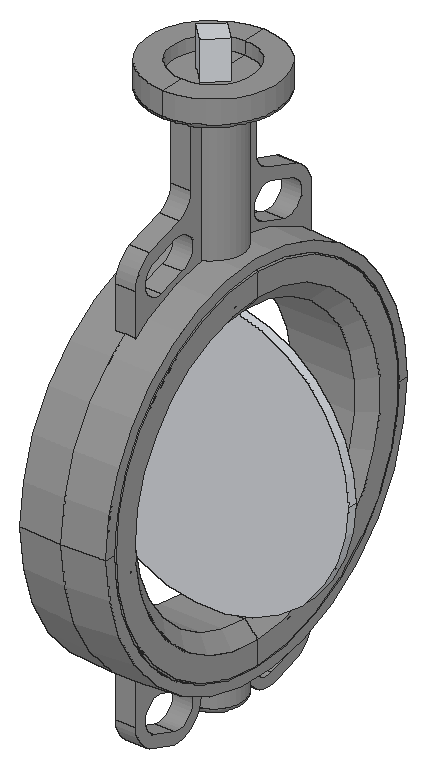
Revit family "Absperr- und Regulierklappe ZF-4219", category Rohrzubehör, Revit 2021
Family settings
  Bemaßung runder Anschluss = Durchmesser verwenden
  Teiletyp = Unterbricht
  Arbeitsebenenbasiert = Nein
  Immer vertikal = Ja
  Beim Laden mit Abzugskörper schneiden = Nein
  Gemeinsam genutzt = Nein
Parameters
  Vorgabe-Ansicht = 0 mm
  URL = "www.herz-armaturen.at"
  Spindel = "Edelstahl ASTM-A276 / Type 316"  # constant formula
  Schrauben PN16 [instance] = if(Nennweite = 50 mm, "4x M16x100", if(Nennweite = 65 mm, "4x M16x100", if(Nennweite = 80 mm, "8x M16x100", if(Nennweite = 100 mm, "8x M16x110", if(Nennweite = 125 mm, "8x M16x120", if(Nennweite = 150 mm, "8x M20x120", if(Nennweite = 200 mm, "12x M20x130", if(Nennweite = 250 mm, "12x M24x140", "12x M24x160"))))))))  # "12x M20x130"
  Schrauben PN 6 [instance] = if(Nennweite = 50 mm, "4x M12x100", if(Nennweite = 65 mm, "4x M12x100", if(Nennweite = 80 mm, "4x M16x100", if(Nennweite = 100 mm, "4x M16x100", if(Nennweite = 125 mm, "8x M16x110", if(Nennweite = 150 mm, "8x M16x110", if(Nennweite = 200 mm, "--", if(Nennweite = 250 mm, "12x M16x130", "12xM16x140"))))))))  # "--"
  Schrauben PN10 [instance] = if(Nennweite = 50 mm, "4x M16x100", if(Nennweite = 65 mm, "4x M16x100", if(Nennweite = 80 mm, "4x M16x100", if(Nennweite = 100 mm, "4x M16x110", if(Nennweite = 125 mm, "8x M16x120", if(Nennweite = 150 mm, "8x M20x120", if(Nennweite = 200 mm, "8x M20x130", if(Nennweite = 250 mm, "12x M20x130", "12x M20x150"))))))))  # "8x M20x130"
  SCTWSEQ = "FW;SBT_TYP_FW=\"101\";2"
  SCTWCODE = "04;07;02"  # constant formula
  SCRNSEQ = "ARM;ARM_TYP=\"ALLF\";2"
  SCRNCODE = "05;13;02"  # constant formula
  R_Dichtung = 1.5 mm  # constant formula
  PN16 [instance] = or(Nennweite = 50 mm, Nennweite = 65 mm, Nennweite = 80 mm, Nennweite = 100 mm, Nennweite = 125 mm, Nennweite = 150 mm, Nennweite = 200 mm, Nennweite = 250 mm, Nennweite = 300 mm)  # yes
  PN10 [instance] = or(Nennweite = 50 mm, Nennweite = 65 mm, Nennweite = 80 mm, Nennweite = 100 mm, Nennweite = 125 mm, Nennweite = 150 mm, Nennweite = 200 mm, Nennweite = 250 mm, Nennweite = 300 mm)  # yes
  PN 6 [instance] = or(Nennweite = 50 mm, Nennweite = 65 mm, Nennweite = 80 mm, Nennweite = 100 mm, Nennweite = 125 mm, Nennweite = 150 mm, Nennweite = 250 mm, Nennweite = 300 mm)  # no
  PN = 16  # constant formula
  O-Ring = "EPDM entsprechend ISO 1691"  # constant formula
  Nennweite [instance] = 200 mm
  Min. Betriebstemperatur = "-20.00 °C bei entsprechender Wasser-Glycolmischung"  # constant formula
  Medium = "Ethylen- und Propyleneglykol kann in einem Mischungsverhältnis zwischen 25 - 50 vol. [%] verwendet werden."
  Max. Betriebstemperatur = 110 °C  # constant formula
  LO1 [instance] = R05 + 10 mm  # 141 mm
  L16 [instance] = L01 - L13  # 236 mm
  L15 [instance] = L01 + L12  # 263 mm
  L14 [instance] = size_lookup("4219_ZF", "L_14", 44.4 mm, Nennweite)  # 61.5 mm
  L13 [instance] = size_lookup("4219_ZF", "L_13", 15 mm, Nennweite)  # 9 mm
  L12 [instance] = size_lookup("4219_ZF", "L_12", 15 mm, Nennweite)  # 18 mm
  L11 [instance] = size_lookup("4219_ZF", "L_11", 15 mm, Nennweite)  # 20 mm
  L10 [instance] = size_lookup("4219_ZF", "L_10", 16 mm, Nennweite)  # 16 mm
  L09 [instance] = size_lookup("4219_ZF", "L9", 29 mm, Nennweite)  # 44 mm
  L08 [instance] = size_lookup("4219_ZF", "L8", 43 mm, Nennweite)  # 60 mm
  L07 [instance] = size_lookup("4219_ZF", "L7", 3.5 mm, Nennweite)  # 4.5 mm
  L06 [instance] = size_lookup("4219_ZF", "L6", 18 mm, Nennweite)  # 32 mm
  L05 [instance] = size_lookup("4219_ZF", "L5", 35 mm, Nennweite)  # 50 mm
  L04 [instance] = size_lookup("4219_ZF", "L4", 35 mm, Nennweite)  # 17.5 mm
  L03 [instance] = size_lookup("4219_ZF", "L3", 35 mm, Nennweite)  # 152.5 mm
  L02 [instance] = size_lookup("4219_ZF", "L2", 35 mm, Nennweite)  # 109 mm
  L01 [instance] = size_lookup("4219_ZF", "L1", 35 mm, Nennweite)  # 245 mm
  Klappenscheibe = "Edelstahl 1.4408"  # constant formula
  Hersteller = "HERZ Armaturen Ges.m.b.H."  # constant formula
  Hebel DN 50-DN150 = "Stahl, ST14.03"  # constant formula
  Hebel DN200-300 = "Stahl, S235 DIN2458/1626"  # constant formula
  H [instance] = size_lookup("4219_ZF", "H1", 9 mm, Nennweite)  # 17 mm
  Gewicht in kg [instance] = size_lookup("4219_ZF", "M", 37.6, Nennweite)  # 16.6
  Gewicht [instance] = 0.00 kg
  Gehäuseauskleidung = "EPDM entsprechend ISO 1691"  # constant formula
  Gehäuse = "GG, GJL-250/JL1040, entsprechend EN1561"  # constant formula
  Einbaudatum [instance] = ""
  Drehmoment in Nm [instance] = size_lookup("4219_ZF", "NM", 350, Nennweite)  # 150
  DN300 [instance] = Nennweite = 300 mm  # no
  DN250 [instance] = Nennweite = 250 mm  # no
  DN200 [instance] = Nennweite = 200 mm  # yes
  DN150 [instance] = Nennweite = 150 mm  # no
  DN125 [instance] = Nennweite = 125 mm  # no
  DN100 [instance] = Nennweite = 100 mm  # no
  DN 80 [instance] = Nennweite = 80 mm  # no
  DN 65 [instance] = Nennweite = 65 mm  # no
  DN 50 [instance] = Nennweite = 50 mm  # no
  Chargennummer [instance] = ""
  BD [instance] = size_lookup("4219_ZF", "DB", 24 mm, Nennweite)  # 193.6 mm
  D09 [instance] = size_lookup("4219_ZF", "D9", 24 mm, Nennweite)  # 96.5 mm
  D08 [instance] = size_lookup("4219_ZF", "D8", 47 mm, Nennweite)  # 14 mm
  D07 [instance] = size_lookup("4219_ZF", "D7", 47 mm, Nennweite)  # 27.5 mm
  D06 [instance] = size_lookup("4219_ZF", "D6", 47 mm, Nennweite)  # 44 mm
  R05 [instance] = size_lookup("4219_ZF", "D5", 47 mm, Nennweite)  # 131 mm
  D05 [instance] = R05 * 2  # 262 mm
  D04 [instance] = size_lookup("4219_ZF", "D4", 41 mm, Nennweite)  # 124 mm
  D03 [instance] = size_lookup("4219_ZF", "D3", 35.5 mm, Nennweite)  # 116.5 mm
  R01 [instance] = size_lookup("4219_ZF", "D1", 28 mm, Nennweite)  # 103.5 mm
  R02 [instance] = size_lookup("4219_ZF", "D2", 30 mm, Nennweite)  # 105.5 mm
  Bestellnummer [instance] = size_lookup("4219_ZF", "Artnr", 1421901, Nennweite)  # 1421927
  Anwendungsgebiet = "Geeignet für Flüssigkeiten in der Haustechnik, Kaltwasser, Heißwasser, etc."
  Anschlussflansch = "entsprechend EN1092-2"  # constant formula
Reference planes
  plane 1 "Mitte (Vorne/hinten)": y = 0
  plane 2: z = 0
  plane 3 "Mitte (Links/rechts)": x = 0
Forms (mm)
  Revolve 1, solid, material "Herz-Metall-blau", detail levels fine
    sketch origin (0, 0, 0) x (1, 0, 0) y (0, 1, 0)
      loop
        line (0, 132.724) -> (-30, 131) -> (-30, 124) -> (-22, 124) -> (-22, 116.5) -> (-23.5, 116.5)
        arc (-23.5, 116.5) -> (-24.561, 116.061) -> (-25, 115) r 1.5
        line (-25, 115) -> (-25, 105.824)
        arc (-25, 105.824) -> (-24.729, 104.964) -> (-24.013, 104.415) r 1.5
        line (-24.013, 104.415) -> (-20.5, 103.5) -> (-16, 103.5) -> (-16, 105.5) -> (16, 105.5) -> (16, 103.5) -> (20.5, 103.5) -> (24.013, 104.415)
        arc (24.013, 104.415) -> (24.729, 104.964) -> (25, 105.824) r 1.5
        line (25, 105.824) -> (25, 115)
        arc (25, 115) -> (24.561, 116.061) -> (23.5, 116.5) r 1.5
        line (23.5, 116.5) -> (22, 116.5) -> (22, 124) -> (30, 124) -> (30, 131) -> (0, 132.724)
      axis (30, 0) -> (-30, 0)
    angle from 0 to 360
  Extrusion 2, solid, material "Herz-Metall-blau", visible <- "DN 50", detail levels fine
    sketch origin (0, 0, 0) x (0, 1, 0) y (0, 0, 1)
      loop
        line (20, 54.051) -> (20.008, 111.113) -> (16.897, 110.952)
        arc (16.897, 110.952) -> (15.55, 110.331) -> (15, 108.954) r 2
        line (15, 108.954) -> (15, 44.542)
        arc (15, 44.542) -> (31.465, 34.913) -> (42.748, 19.534) r 47
        arc (42.748, 19.534) -> (42.633, 20.873) -> (43.392, 21.983) r 2
        line (43.392, 21.983) -> (54.714, 30.209)
        arc (54.714, 30.209) -> (56.569, 56.569) -> (30.209, 54.714) r 17.5
        line (30.209, 54.714) -> (27.87, 51.494)
        arc (27.87, 51.494) -> (23.006, 49.914) -> (20, 54.051) r 4.35
      loop
        arc (32.065, 41.998) -> (33.588, 33.588) -> (41.998, 32.065) r 7.5
        line (41.998, 32.065) -> (48.502, 35.17)
        arc (48.502, 35.17) -> (51.265, 51.265) -> (35.17, 48.502) r 10
        line (35.17, 48.502) -> (32.065, 41.998)
      loop
        arc (-20, 54.051) -> (-23.006, 49.914) -> (-27.87, 51.494) r 4.35
        line (-27.87, 51.494) -> (-30.209, 54.714)
        arc (-30.209, 54.714) -> (-56.569, 56.569) -> (-54.714, 30.209) r 17.5
        line (-54.714, 30.209) -> (-43.392, 21.983)
        arc (-43.392, 21.983) -> (-42.633, 20.873) -> (-42.748, 19.534) r 2
        arc (-42.748, 19.534) -> (-31.465, 34.913) -> (-15, 44.542) r 47
        line (-15, 44.542) -> (-15, 108.954)
        arc (-15, 108.954) -> (-15.55, 110.331) -> (-16.897, 110.952) r 2
        line (-16.897, 110.952) -> (-20.008, 111.113) -> (-20, 54.051)
      loop
        line (-32.065, 41.998) -> (-35.17, 48.502)
        arc (-35.17, 48.502) -> (-51.265, 51.265) -> (-48.502, 35.17) r 10
        line (-48.502, 35.17) -> (-41.998, 32.065)
        arc (-41.998, 32.065) -> (-33.588, 33.588) -> (-32.065, 41.998) r 7.5
      loop
        line (32.065, -41.998) -> (35.17, -48.502)
        arc (35.17, -48.502) -> (51.265, -51.265) -> (48.502, -35.17) r 10
        line (48.502, -35.17) -> (41.998, -32.065)
        arc (41.998, -32.065) -> (33.588, -33.588) -> (32.065, -41.998) r 7.5
      loop
        line (54.714, -30.209) -> (43.392, -21.983)
        arc (43.392, -21.983) -> (42.633, -20.873) -> (42.748, -19.534) r 2
        arc (42.748, -19.534) -> (33.234, -33.234) -> (19.534, -42.748) r 47
        arc (19.534, -42.748) -> (20.873, -42.633) -> (21.983, -43.392) r 2
        line (21.983, -43.392) -> (30.209, -54.714)
        arc (30.209, -54.714) -> (56.569, -56.569) -> (54.714, -30.209) r 17.5
      loop
        arc (-32.065, -41.998) -> (-33.588, -33.588) -> (-41.998, -32.065) r 7.5
        line (-41.998, -32.065) -> (-48.502, -35.17)
        arc (-48.502, -35.17) -> (-51.265, -51.265) -> (-35.17, -48.502) r 10
        line (-35.17, -48.502) -> (-32.065, -41.998)
      loop
        arc (-54.714, -30.209) -> (-56.569, -56.569) -> (-30.209, -54.714) r 17.5
        line (-30.209, -54.714) -> (-21.983, -43.392)
        arc (-21.983, -43.392) -> (-20.873, -42.633) -> (-19.534, -42.748) r 2
        arc (-19.534, -42.748) -> (-33.234, -33.234) -> (-42.748, -19.534) r 47
        arc (-42.748, -19.534) -> (-42.633, -20.873) -> (-43.392, -21.983) r 2
        line (-43.392, -21.983) -> (-54.714, -30.209)
    from -4.5 to 4.5
  Extrusion 3, solid, material "Herz-Metall-blau", visible <- "DN 65", detail levels fine
    sketch origin (0, 0, 0) x (0, 1, 0) y (0, 0, 1)
      loop
        arc (51.659, 21.619) -> (51.541, 22.778) -> (52.089, 23.805) r 2
        line (52.089, 23.805) -> (65.407, 37.123)
        arc (65.407, 37.123) -> (65.407, 65.407) -> (37.123, 65.407) r 20
        line (37.123, 65.407) -> (29.414, 57.699)
        arc (29.414, 57.699) -> (27.235, 57.265) -> (26, 59.113) r 2
        line (26, 59.113) -> (26, 136.154) -> (19.897, 135.838)
        arc (19.897, 135.838) -> (18.55, 135.218) -> (18, 133.841) r 2
        line (18, 133.841) -> (18, 53.028)
        arc (18, 53.028) -> (38.206, 40.942) -> (51.659, 21.619) r 56
      loop
        arc (55.637, 42.831) -> (57.983, 57.983) -> (42.831, 55.637) r 9.5
        line (42.831, 55.637) -> (39.647, 48.983)
        arc (39.647, 48.983) -> (41.012, 41.012) -> (48.983, 39.647) r 7
        line (48.983, 39.647) -> (55.637, 42.831)
      loop
        arc (51.659, -21.619) -> (39.598, -39.598) -> (21.619, -51.659) r 56
        arc (21.619, -51.659) -> (22.778, -51.541) -> (23.805, -52.089) r 2
        line (23.805, -52.089) -> (37.123, -65.407)
        arc (37.123, -65.407) -> (65.407, -65.407) -> (65.407, -37.123) r 20
        line (65.407, -37.123) -> (52.089, -23.805)
        arc (52.089, -23.805) -> (51.541, -22.778) -> (51.659, -21.619) r 2
      loop
        line (55.637, -42.831) -> (48.983, -39.647)
        arc (48.983, -39.647) -> (41.012, -41.012) -> (39.647, -48.983) r 7
        line (39.647, -48.983) -> (42.831, -55.637)
        arc (42.831, -55.637) -> (57.983, -57.983) -> (55.637, -42.831) r 9.5
      loop
        arc (-51.659, -21.619) -> (-51.541, -22.778) -> (-52.089, -23.805) r 2
        line (-52.089, -23.805) -> (-65.407, -37.123)
        arc (-65.407, -37.123) -> (-65.407, -65.407) -> (-37.123, -65.407) r 20
        line (-37.123, -65.407) -> (-23.805, -52.089)
        arc (-23.805, -52.089) -> (-22.778, -51.541) -> (-21.619, -51.659) r 2
        arc (-21.619, -51.659) -> (-39.598, -39.598) -> (-51.659, -21.619) r 56
      loop
        arc (-55.637, -42.831) -> (-57.983, -57.983) -> (-42.831, -55.637) r 9.5
        line (-42.831, -55.637) -> (-39.647, -48.983)
        arc (-39.647, -48.983) -> (-41.012, -41.012) -> (-48.983, -39.647) r 7
        line (-48.983, -39.647) -> (-55.637, -42.831)
      loop
        arc (-51.659, 21.619) -> (-38.206, 40.942) -> (-18, 53.028) r 56
        line (-18, 53.028) -> (-18, 133.838)
        arc (-18, 133.838) -> (-18.55, 135.215) -> (-19.897, 135.835) r 2
        line (-19.897, 135.835) -> (-26, 136.151) -> (-26, 59.113)
        arc (-26, 59.113) -> (-27.235, 57.265) -> (-29.414, 57.699) r 2
        line (-29.414, 57.699) -> (-37.123, 65.407)
        arc (-37.123, 65.407) -> (-65.407, 65.407) -> (-65.407, 37.123) r 20
        line (-65.407, 37.123) -> (-52.089, 23.805)
        arc (-52.089, 23.805) -> (-51.541, 22.778) -> (-51.659, 21.619) r 2
      loop
        line (-55.637, 42.831) -> (-48.983, 39.647)
        arc (-48.983, 39.647) -> (-41.012, 41.012) -> (-39.647, 48.983) r 7
        line (-39.647, 48.983) -> (-42.831, 55.637)
        arc (-42.831, 55.637) -> (-57.983, 57.983) -> (-55.637, 42.831) r 9.5
    from -4.5 to 4.5
  Extrusion 4, solid, material "Herz-Metall-blau", visible <- "DN 80", detail levels fine
    sketch origin (0, 0, 0) x (0, 1, 0) y (0, 0, 1)
      loop
        line (26, 143.161) -> (20.397, 142.871)
        arc (20.397, 142.871) -> (19.05, 142.251) -> (18.5, 140.874) r 2
        line (18.5, 140.874) -> (18.5, 62.833)
        arc (18.5, 62.833) -> (41.296, 50.842) -> (57.706, 30.989) r 65.5
        arc (57.706, 30.989) -> (57.482, 32.176) -> (57.983, 33.275) r 2
        line (57.983, 33.275) -> (67.23, 43.52)
        arc (67.23, 43.52) -> (70.328, 54.798) -> (65.407, 65.407) r 17
        line (65.407, 65.407) -> (42.005, 86.53)
        arc (42.005, 86.53) -> (37.832, 89.302) -> (33.031, 90.738) r 17
        arc (33.031, 90.738) -> (27.974, 93.895) -> (26, 99.52) r 9
        line (26, 99.52) -> (26, 143.161)
      loop
        circle (30.615, 73.91) r 9.5
      loop
        circle (53.387, 53.387) r 9.5
      loop
        arc (57.706, -30.989) -> (41.296, -50.842) -> (18.5, -62.833) r 65.5
        line (18.5, -62.833) -> (18.5, -85.837)
        arc (18.5, -85.837) -> (30.113, -90.903) -> (42.005, -86.53) r 17
        line (42.005, -86.53) -> (65.407, -65.407)
        arc (65.407, -65.407) -> (70.328, -54.798) -> (67.23, -43.52) r 17
        line (67.23, -43.52) -> (57.983, -33.275)
        arc (57.983, -33.275) -> (57.482, -32.176) -> (57.706, -30.989) r 2
      loop
        circle (30.615, -73.91) r 9.5
      loop
        circle (53.387, -53.387) r 9.5
      loop
        arc (-57.706, -30.989) -> (-57.482, -32.176) -> (-57.983, -33.275) r 2
        line (-57.983, -33.275) -> (-67.23, -43.52)
        arc (-67.23, -43.52) -> (-70.328, -54.798) -> (-65.407, -65.407) r 17
        line (-65.407, -65.407) -> (-42.005, -86.53)
        arc (-42.005, -86.53) -> (-30.113, -90.903) -> (-18.5, -85.837) r 17
        line (-18.5, -85.837) -> (-18.5, -62.833)
        arc (-18.5, -62.833) -> (-41.296, -50.842) -> (-57.706, -30.989) r 65.5
      loop
        circle (-30.615, -73.91) r 9.5
      loop
        circle (-53.387, -53.387) r 9.5
      loop
        line (-26, 143.179) -> (-26, 99.52)
        arc (-26, 99.52) -> (-27.974, 93.895) -> (-33.031, 90.738) r 9
        arc (-33.031, 90.738) -> (-37.832, 89.302) -> (-42.005, 86.53) r 17
        line (-42.005, 86.53) -> (-65.407, 65.407)
        arc (-65.407, 65.407) -> (-70.328, 54.798) -> (-67.23, 43.52) r 17
        line (-67.23, 43.52) -> (-57.983, 33.275)
        arc (-57.983, 33.275) -> (-57.482, 32.176) -> (-57.706, 30.989) r 2
        arc (-57.706, 30.989) -> (-41.296, 50.842) -> (-18.5, 62.833) r 65.5
        line (-18.5, 62.833) -> (-18.5, 140.891)
        arc (-18.5, 140.891) -> (-19.05, 142.268) -> (-20.397, 142.888) r 2
        line (-20.397, 142.888) -> (-26, 143.179)
      loop
        circle (-30.615, 73.91) r 9.5
      loop
        circle (-53.387, 53.387) r 9.5
    from -4.5 to 4.5
  Extrusion 5, solid, material "Herz-Metall-blau", visible <- "DN100", detail levels fine
    sketch origin (0, 0, 0) x (0, 1, 0) y (0, 0, 1)
      loop
        line (64.131, 38.887) -> (73.681, 49.873)
        arc (73.681, 49.873) -> (77.063, 61.29) -> (72.125, 72.125) r 17
        line (72.125, 72.125) -> (45.809, 95.79)
        arc (45.809, 95.79) -> (41.366, 98.675) -> (36.25, 100.053) r 17
        arc (36.25, 100.053) -> (28.882, 104.596) -> (26, 112.759) r 13
        line (26, 112.759) -> (26, 166.173) -> (20.397, 165.883)
        arc (20.397, 165.883) -> (19.05, 165.263) -> (18.5, 163.886) r 2
        line (18.5, 163.886) -> (18.5, 72.683)
        arc (18.5, 72.683) -> (44.637, 60.27) -> (64.131, 38.887) r 75
      loop
        circle (60.104, 60.104) r 9.5
      loop
        circle (34.442, 83.149) r 9.5
      loop
        arc (64.131, -38.887) -> (44.637, -60.27) -> (18.5, -72.683) r 75
        line (18.5, -72.683) -> (18.5, -95.329)
        arc (18.5, -95.329) -> (21.473, -95.603) -> (24.233, -96.743) r 10
        arc (24.233, -96.743) -> (35.191, -100.133) -> (45.809, -95.79) r 17
        line (45.809, -95.79) -> (72.125, -72.125)
        arc (72.125, -72.125) -> (77.063, -61.29) -> (73.681, -49.873) r 17
        line (73.681, -49.873) -> (64.131, -38.887)
      loop
        circle (60.104, -60.104) r 9.5
      loop
        circle (34.442, -83.149) r 9.5
      loop
        line (-64.131, -38.887) -> (-73.681, -49.873)
        arc (-73.681, -49.873) -> (-77.063, -61.29) -> (-72.125, -72.125) r 17
        line (-72.125, -72.125) -> (-45.809, -95.79)
        arc (-45.809, -95.79) -> (-35.191, -100.133) -> (-24.233, -96.743) r 17
        arc (-24.233, -96.743) -> (-21.473, -95.603) -> (-18.5, -95.329) r 10
        line (-18.5, -95.329) -> (-18.5, -72.683)
        arc (-18.5, -72.683) -> (-44.637, -60.27) -> (-64.131, -38.887) r 75
      loop
        circle (-60.104, -60.104) r 9.5
      loop
        circle (-34.442, -83.149) r 9.5
      loop
        arc (-64.131, 38.887) -> (-44.637, 60.27) -> (-18.5, 72.683) r 75
        line (-18.5, 72.683) -> (-18.5, 163.876)
        arc (-18.5, 163.876) -> (-19.05, 165.253) -> (-20.397, 165.873) r 2
        line (-20.397, 165.873) -> (-26, 166.164) -> (-26, 112.759)
        arc (-26, 112.759) -> (-28.882, 104.596) -> (-36.25, 100.053) r 13
        arc (-36.25, 100.053) -> (-41.366, 98.675) -> (-45.809, 95.79) r 17
        line (-45.809, 95.79) -> (-72.125, 72.125)
        arc (-72.125, 72.125) -> (-77.063, 61.29) -> (-73.681, 49.873) r 17
        line (-73.681, 49.873) -> (-64.131, 38.887)
      loop
        circle (-60.104, 60.104) r 9.5
      loop
        circle (-34.442, 83.149) r 9.5
    from -4.5 to 4.5
  Extrusion 6, solid, material "Herz-Metall-blau", visible <- "DN125", detail levels fine
    sketch origin (0, 0, 0) x (0, 1, 0) y (0, 0, 1)
      loop
        arc (75.229, 48.945) -> (74.917, 50.244) -> (75.492, 51.45) r 2
        line (75.492, 51.45) -> (82.731, 58.69)
        arc (82.731, 58.69) -> (87.711, 70.711) -> (82.731, 82.731) r 17
        line (82.731, 82.731) -> (51.291, 109.875)
        arc (51.291, 109.875) -> (46.108, 112.941) -> (40.182, 114.007) r 17
        line (40.182, 114.007) -> (38, 114.007)
        arc (38, 114.007) -> (29.515, 117.522) -> (26, 126.007) r 12
        line (26, 126.007) -> (26, 185.157) -> (20.397, 184.867)
        arc (20.397, 184.867) -> (19.05, 184.246) -> (18.5, 182.869) r 2
        line (18.5, 182.869) -> (18.5, 87.823)
        arc (18.5, 87.823) -> (50.736, 74.033) -> (75.229, 48.945) r 89.75
      loop
        circle (40.182, 97.007) r 9.5
      loop
        circle (70.711, 70.711) r 9.5
      loop
        arc (75.229, -48.945) -> (50.736, -74.033) -> (18.5, -87.823) r 89.75
        line (18.5, -87.823) -> (18.5, -108.431)
        arc (18.5, -108.431) -> (24.248, -107.655) -> (29.46, -110.2) r 10
        arc (29.46, -110.2) -> (40.434, -114.005) -> (51.291, -109.875) r 17
        line (51.291, -109.875) -> (82.731, -82.731)
        arc (82.731, -82.731) -> (87.711, -70.711) -> (82.731, -58.69) r 17
        line (82.731, -58.69) -> (75.492, -51.45)
        arc (75.492, -51.45) -> (74.917, -50.244) -> (75.229, -48.945) r 2
      loop
        circle (40.182, -97.007) r 9.5
      loop
        circle (70.711, -70.711) r 9.5
      loop
        arc (-75.229, -48.945) -> (-74.917, -50.244) -> (-75.492, -51.45) r 2
        line (-75.492, -51.45) -> (-82.731, -58.69)
        arc (-82.731, -58.69) -> (-87.711, -70.711) -> (-82.731, -82.731) r 17
        line (-82.731, -82.731) -> (-51.291, -109.875)
        arc (-51.291, -109.875) -> (-40.434, -114.005) -> (-29.46, -110.2) r 17
        arc (-29.46, -110.2) -> (-24.248, -107.655) -> (-18.5, -108.431) r 10
        line (-18.5, -108.431) -> (-18.5, -87.823)
        arc (-18.5, -87.823) -> (-50.736, -74.033) -> (-75.229, -48.945) r 89.75
      loop
        circle (-40.182, -97.007) r 9.5
      loop
        circle (-70.711, -70.711) r 9.5
      loop
        arc (-75.229, 48.945) -> (-50.736, 74.033) -> (-18.5, 87.823) r 89.75
        line (-18.5, 87.823) -> (-18.5, 182.852)
        arc (-18.5, 182.852) -> (-19.05, 184.23) -> (-20.397, 184.85) r 2
        line (-20.397, 184.85) -> (-26, 185.14) -> (-26, 126.007)
        arc (-26, 126.007) -> (-29.515, 117.522) -> (-38, 114.007) r 12
        line (-38, 114.007) -> (-40.182, 114.007)
        arc (-40.182, 114.007) -> (-46.108, 112.941) -> (-51.291, 109.875) r 17
        line (-51.291, 109.875) -> (-82.731, 82.731)
        arc (-82.731, 82.731) -> (-87.711, 70.711) -> (-82.731, 58.69) r 17
        line (-82.731, 58.69) -> (-75.492, 51.45)
        arc (-75.492, 51.45) -> (-74.917, 50.244) -> (-75.229, 48.945) r 2
      loop
        circle (-40.182, 97.007) r 9.5
      loop
        circle (-70.711, 70.711) r 9.5
    from -6 to 6
  Extrusion 7, solid, material "Herz-Metall-blau", visible <- "DN150", detail levels fine
    sketch origin (0, 0, 0) x (0, 1, 0) y (0, 0, 1)
      loop
        line (83.495, 59.454) -> (91.57, 67.529)
        arc (91.57, 67.529) -> (96.55, 79.55) -> (91.57, 91.57) r 17
        line (91.57, 91.57) -> (57.511, 123.304)
        arc (57.511, 123.304) -> (45.758, 127.865) -> (34.095, 123.077) r 17
        arc (34.095, 123.077) -> (28.976, 122.416) -> (26, 126.633) r 5
        line (26, 126.633) -> (26, 198.177) -> (20.397, 197.887)
        arc (20.397, 197.887) -> (19.05, 197.267) -> (18.5, 195.889) r 2
        line (18.5, 195.889) -> (18.5, 100.817)
        arc (18.5, 100.817) -> (55.032, 86.474) -> (83.495, 59.454) r 102.5
      loop
        circle (45.922, 110.866) r 11.5
      loop
        circle (79.55, 79.55) r 9.5
      loop
        circle (45.922, -110.866) r 11.5
      loop
        circle (79.55, -79.55) r 9.5
      loop
        line (91.57, -67.529) -> (83.495, -59.454)
        arc (83.495, -59.454) -> (55.032, -86.474) -> (18.5, -100.817) r 102.5
        line (18.5, -100.817) -> (18.5, -123.208)
        arc (18.5, -123.208) -> (19.363, -121.755) -> (21.03, -121.482) r 2
        line (21.03, -121.482) -> (42.642, -127.546)
        arc (42.642, -127.546) -> (50.587, -127.213) -> (57.511, -123.304) r 17
        line (57.511, -123.304) -> (91.57, -91.57)
        arc (91.57, -91.57) -> (96.55, -79.55) -> (91.57, -67.529) r 17
      loop
        arc (-83.495, 59.454) -> (-55.032, 86.474) -> (-18.5, 100.817) r 102.5
        line (-18.5, 100.817) -> (-18.5, 195.875)
        arc (-18.5, 195.875) -> (-19.05, 197.252) -> (-20.397, 197.872) r 2
        line (-20.397, 197.872) -> (-26, 198.163) -> (-26, 126.633)
        arc (-26, 126.633) -> (-28.976, 122.416) -> (-34.095, 123.077) r 5
        arc (-34.095, 123.077) -> (-45.758, 127.865) -> (-57.511, 123.304) r 17
        line (-57.511, 123.304) -> (-91.57, 91.57)
        arc (-91.57, 91.57) -> (-96.55, 79.55) -> (-91.57, 67.529) r 17
        line (-91.57, 67.529) -> (-83.495, 59.454)
      loop
        circle (-45.922, 110.866) r 11.5
      loop
        circle (-79.55, 79.55) r 9.5
      loop
        circle (-45.922, -110.866) r 11.5
      loop
        circle (-79.55, -79.55) r 9.5
      loop
        arc (-91.57, -67.529) -> (-96.55, -79.55) -> (-91.57, -91.57) r 17
        line (-91.57, -91.57) -> (-57.511, -123.304)
        arc (-57.511, -123.304) -> (-50.587, -127.213) -> (-42.642, -127.546) r 17
        line (-42.642, -127.546) -> (-21.03, -121.482)
        arc (-21.03, -121.482) -> (-19.363, -121.755) -> (-18.5, -123.208) r 2
        line (-18.5, -123.208) -> (-18.5, -100.817)
        arc (-18.5, -100.817) -> (-55.032, -86.474) -> (-83.495, -59.454) r 102.5
        line (-83.495, -59.454) -> (-91.57, -67.529)
    from -7 to 7
  Extrusion 8, solid, material "Herz-Metall-blau", visible <- "DN200", detail levels fine
    sketch origin (0, 0, 0) x (0, 1, 0) y (0, 0, 1)
      loop
        arc (42.048, 153.832) -> (26.654, 145.827) -> (35.349, 130.812) r 12
        line (35.349, 130.812) -> (53.31, 124.689)
        arc (53.31, 124.689) -> (67.804, 132.4) -> (61.038, 147.359) r 12
        line (61.038, 147.359) -> (42.048, 153.832)
      loop
        line (28, 226.273) -> (22.065, 226.047)
        arc (22.065, 226.047) -> (20.655, 225.469) -> (20, 224.092) r 2.114
        line (20, 224.092) -> (20, 129.471)
        arc (20, 129.471) -> (49.604, 121.273) -> (76.485, 106.406) r 130.989
        line (76.485, 106.406) -> (76.485, 136.265)
        arc (76.485, 136.265) -> (73.108, 147.391) -> (64.117, 154.764) r 20.019
        line (64.117, 154.764) -> (38.16, 163.592)
        arc (38.16, 163.592) -> (30.802, 169.06) -> (28, 177.79) r 15
        line (28, 177.79) -> (28, 226.273)
      loop
        line (42.048, -153.832) -> (61.038, -147.359)
        arc (61.038, -147.359) -> (67.804, -132.4) -> (53.31, -124.689) r 12
        line (53.31, -124.689) -> (35.349, -130.812)
        arc (35.349, -130.812) -> (26.654, -145.827) -> (42.048, -153.832) r 12
      loop
        arc (76.446, -106.382) -> (49.585, -121.253) -> (20, -129.464) r 131
        line (20, -129.464) -> (20, -141.835)
        arc (20, -141.835) -> (28.361, -158.099) -> (46.453, -160.765) r 20
        line (46.453, -160.765) -> (64.099, -154.75)
        arc (64.099, -154.75) -> (73.075, -147.384) -> (76.446, -136.272) r 20
        line (76.446, -136.272) -> (76.446, -106.382)
      loop
        arc (-42.048, -153.832) -> (-26.654, -145.827) -> (-35.349, -130.812) r 12
        line (-35.349, -130.812) -> (-53.31, -124.689)
        arc (-53.31, -124.689) -> (-67.804, -132.4) -> (-61.038, -147.359) r 12
        line (-61.038, -147.359) -> (-42.048, -153.832)
      loop
        line (-76.446, -106.382) -> (-76.446, -136.272)
        arc (-76.446, -136.272) -> (-73.075, -147.384) -> (-64.099, -154.75) r 20
        line (-64.099, -154.75) -> (-46.453, -160.765)
        arc (-46.453, -160.765) -> (-28.361, -158.099) -> (-20, -141.835) r 20
        line (-20, -141.835) -> (-20, -129.464)
        arc (-20, -129.464) -> (-49.585, -121.253) -> (-76.446, -106.382) r 131
      loop
        line (-42.048, 153.832) -> (-61.038, 147.359)
        arc (-61.038, 147.359) -> (-67.804, 132.4) -> (-53.31, 124.689) r 12
        line (-53.31, 124.689) -> (-35.349, 130.812)
        arc (-35.349, 130.812) -> (-26.654, 145.827) -> (-42.048, 153.832) r 12
      loop
        line (-28, 226.278) -> (-28, 177.79)
        arc (-28, 177.79) -> (-30.802, 169.06) -> (-38.16, 163.592) r 15
        line (-38.16, 163.592) -> (-64.117, 154.764)
        arc (-64.117, 154.764) -> (-73.108, 147.391) -> (-76.485, 136.265) r 20.019
        line (-76.485, 136.265) -> (-76.485, 106.406)
        arc (-76.485, 106.406) -> (-49.604, 121.273) -> (-20, 129.471) r 130.989
        line (-20, 129.471) -> (-20, 224.098)
        arc (-20, 224.098) -> (-20.655, 225.475) -> (-22.065, 226.053) r 2.114
        line (-22.065, 226.053) -> (-28, 226.278)
    from -7 to 7
  Extrusion 9, solid, material "Herz-Metall-blau", visible <- "DN250", detail levels fine
    sketch origin (0, 0, 0) x (0, 1, 0) y (0, 0, 1)
      loop
        arc (-95.9, 125.382) -> (-61.406, 145.382) -> (-23, 156.095) r 157.75
        line (-23, 156.095) -> (-23, 258.814)
        arc (-23, 258.814) -> (-23.588, 260.113) -> (-24.893, 260.69) r 2
        line (-24.893, 260.69) -> (-32, 261.058) -> (-32, 187.712)
        arc (-32, 187.712) -> (-33.507, 185.205) -> (-36.428, 185.359) r 2.84
        arc (-36.428, 185.359) -> (-43.951, 188.152) -> (-51.918, 187.184) r 17
        line (-51.918, 187.184) -> (-97.072, 155.872)
        arc (-97.072, 155.872) -> (-100.207, 149.167) -> (-100.195, 141.765) r 17
        line (-100.195, 141.765) -> (-95.9, 125.382)
      loop
        circle (-83.608, 145.492) r 9.5
      loop
        circle (-45.549, 171.269) r 14
      loop
        arc (96.192, -125.349) -> (61.575, -145.51) -> (23, -156.317) r 157.999
        line (23, -156.317) -> (23, -181.388) -> (27.217, -181.388)
        arc (27.217, -181.388) -> (30.142, -181.826) -> (32.812, -183.1) r 10
        line (32.812, -183.1) -> (36.428, -185.542)
        arc (36.428, -185.542) -> (44.468, -188.388) -> (52.878, -186.972) r 17
        line (52.878, -186.972) -> (97.463, -155.872)
        arc (97.463, -155.872) -> (100.598, -149.167) -> (100.586, -141.765) r 17
        line (100.586, -141.765) -> (96.192, -125.349)
      loop
        circle (84, -145.492) r 9.5
      loop
        circle (45.94, -171.452) r 14
      loop
        line (-96.192, -125.349) -> (-100.586, -141.765)
        arc (-100.586, -141.765) -> (-100.598, -149.167) -> (-97.463, -155.872) r 17
        line (-97.463, -155.872) -> (-52.878, -186.972)
        arc (-52.878, -186.972) -> (-44.468, -188.388) -> (-36.428, -185.542) r 17
        line (-36.428, -185.542) -> (-32.812, -183.1)
        arc (-32.812, -183.1) -> (-30.142, -181.826) -> (-27.217, -181.388) r 10
        line (-27.217, -181.388) -> (-23, -181.388) -> (-23, -156.317)
        arc (-23, -156.317) -> (-61.575, -145.51) -> (-96.192, -125.349) r 157.999
      loop
        circle (-84, -145.492) r 9.5
      loop
        circle (-45.94, -171.452) r 14
      loop
        line (95.9, 125.2) -> (100.195, 141.582)
        arc (100.195, 141.582) -> (100.207, 148.984) -> (97.072, 155.689) r 17
        line (97.072, 155.689) -> (51.919, 187.036)
        arc (51.919, 187.036) -> (43.952, 188.006) -> (36.428, 185.212) r 17
        arc (36.428, 185.212) -> (33.507, 185.058) -> (32, 187.566) r 2.84
        line (32, 187.566) -> (32, 261.045) -> (24.893, 260.677)
        arc (24.893, 260.677) -> (23.588, 260.1) -> (23, 258.801) r 2
        line (23, 258.801) -> (23, 155.948)
        arc (23, 155.948) -> (61.411, 145.223) -> (95.9, 125.2) r 157.605
      loop
        circle (83.608, 145.31) r 9.5
      loop
        circle (45.549, 171.122) r 14
    from -9 to 9
  Extrusion 10, solid, material "Herz-Metall-blau", visible <- "DN300", detail levels fine
    sketch origin (0, 0, 0) x (0, 1, 0) y (0, 0, 1)
      loop
        arc (62.57, 187.834) -> (56.268, 211.23) -> (39.112, 194.12) r 14
        line (39.112, 194.12) -> (40.223, 189.928)
        arc (40.223, 189.928) -> (48.374, 181.769) -> (59.504, 184.767) r 11.5
        line (59.504, 184.767) -> (62.57, 187.834)
      loop
        circle (98.337, 170.892) r 12
      loop
        arc (113.094, 162.454) -> (114.748, 175.326) -> (106.837, 185.615) r 17
        line (106.837, 185.615) -> (61.701, 211.919)
        arc (61.701, 211.919) -> (54.44, 214.463) -> (46.806, 213.516) r 16.852
        arc (46.806, 213.516) -> (36.904, 213.681) -> (32, 222.285) r 10
        line (32, 222.285) -> (32, 286.38) -> (24.895, 286.033)
        arc (24.895, 286.033) -> (23.576, 285.442) -> (23, 284.117) r 2
        line (23, 284.117) -> (23, 181.202)
        arc (23, 181.202) -> (65.613, 170.505) -> (104.437, 149.94) r 182.63
        line (104.437, 149.94) -> (113.094, 162.454)
      loop
        line (62.984, -188.142) -> (59.917, -185.075)
        arc (59.917, -185.075) -> (48.787, -182.077) -> (40.637, -190.235) r 11.5
        line (40.637, -190.235) -> (39.525, -194.427)
        arc (39.525, -194.427) -> (56.681, -211.538) -> (62.984, -188.142) r 14
      loop
        circle (98.75, -171.04) r 12
      loop
        line (113.508, -162.601) -> (104.75, -150.055)
        arc (104.75, -150.055) -> (65.787, -170.766) -> (23, -181.549) r 183
        line (23, -181.549) -> (23, -206.327)
        arc (23, -206.327) -> (24.157, -204.218) -> (26.558, -204.062) r 2.5
        line (26.558, -204.062) -> (45.918, -213.443)
        arc (45.918, -213.443) -> (53.906, -214.994) -> (61.701, -212.654) r 17
        line (61.701, -212.654) -> (107.25, -185.762)
        arc (107.25, -185.762) -> (115.162, -175.474) -> (113.508, -162.601) r 17
      loop
        arc (-62.984, -188.142) -> (-56.681, -211.538) -> (-39.525, -194.427) r 14
        line (-39.525, -194.427) -> (-40.637, -190.235)
        arc (-40.637, -190.235) -> (-48.787, -182.077) -> (-59.917, -185.075) r 11.5
        line (-59.917, -185.075) -> (-62.984, -188.142)
      loop
        circle (-98.75, -171.04) r 12
      loop
        arc (-113.508, -162.601) -> (-115.162, -175.474) -> (-107.25, -185.762) r 17
        line (-107.25, -185.762) -> (-61.701, -212.654)
        arc (-61.701, -212.654) -> (-53.906, -214.994) -> (-45.918, -213.443) r 17
        line (-45.918, -213.443) -> (-26.558, -204.062)
        arc (-26.558, -204.062) -> (-24.157, -204.218) -> (-23, -206.327) r 2.5
        line (-23, -206.327) -> (-23, -181.549)
        arc (-23, -181.549) -> (-65.787, -170.766) -> (-104.75, -150.055) r 183
        line (-104.75, -150.055) -> (-113.508, -162.601)
      loop
        line (-62.574, 188.142) -> (-59.508, 185.075)
        arc (-59.508, 185.075) -> (-48.378, 182.077) -> (-40.227, 190.235) r 11.5
        line (-40.227, 190.235) -> (-39.116, 194.427)
        arc (-39.116, 194.427) -> (-56.272, 211.538) -> (-62.574, 188.142) r 14
      loop
        circle (-98.34, 171.04) r 12
      loop
        line (-113.098, 162.601) -> (-104.44, 150.087)
        arc (-104.44, 150.087) -> (-65.611, 170.637) -> (-23, 181.326) r 182.753
        line (-23, 181.326) -> (-23, 284.115)
        arc (-23, 284.115) -> (-23.577, 285.441) -> (-24.896, 286.032) r 2
        line (-24.896, 286.032) -> (-32, 286.379) -> (-32, 222.593)
        arc (-32, 222.593) -> (-37.217, 213.811) -> (-47.425, 214.193) r 10
        arc (-47.425, 214.193) -> (-54.523, 214.911) -> (-61.291, 212.654) r 17
        line (-61.291, 212.654) -> (-106.84, 185.762)
        arc (-106.84, 185.762) -> (-114.752, 175.474) -> (-113.098, 162.601) r 17
    from -9 to 9
  Revolve 11, solid, material "Herz-Metall-blau"
    sketch origin (0, 0, 0) x (0, 1, 0) y (0, 0, 1)
      loop
        line (0, -131) -> (0, -152.5) -> (17, -152.5)
        arc (17, -152.5) -> (19.121, -151.621) -> (20, -149.5) r 3
        line (20, -149.5) -> (20, -129.464)
        arc (20, -129.464) -> (10.029, -130.616) -> (0, -131) r 131
      axis (0, -129.464) -> (0, -152.5)
    angle from 0 to 360
  Revolve 12, solid, material "Herz-Metall-blau"
    sketch origin (0, 0, 0) x (0, 1, 0) y (0, 0, 1)
      loop
        line (0, 236) -> (0, 131)
        arc (0, 131) -> (10.029, 130.616) -> (20, 129.464) r 131
        line (20, 129.464) -> (20, 223.944)
        arc (20, 223.944) -> (20.549, 225.32) -> (21.895, 225.941) r 2
        line (21.895, 225.941) -> (42.105, 227)
        arc (42.105, 227) -> (43.451, 227.621) -> (44, 228.997) r 2
        line (44, 228.997) -> (44, 245) -> (27.5, 245) -> (27.5, 236) -> (0, 236)
      axis (0, 245) -> (0, 129.464)
    angle from 0 to 360
  Revolve 13, solid, material "Gummi"
    sketch origin (0, 0, 0) x (1, 0, 0) y (0, 0, 1)
      loop
        arc (-29.258, 124) -> (-30.313, 123.563) -> (-30.75, 122.508) r 1.492
        line (-30.75, 122.508) -> (-30.75, 105.718) -> (-22, 96.5) -> (22, 96.5) -> (30.75, 106.945) -> (30.75, 123)
        arc (30.75, 123) -> (30.457, 123.707) -> (29.75, 124) r 1
        line (29.75, 124) -> (22, 124) -> (22, 116.5) -> (23.5, 116.5)
        arc (23.5, 116.5) -> (24.561, 116.061) -> (25, 115) r 1.5
        line (25, 115) -> (25, 105.988)
        arc (25, 105.988) -> (24.622, 104.993) -> (23.68, 104.499) r 1.5
        line (23.68, 104.499) -> (20.5, 103.5) -> (16.527, 103.5) -> (16.527, 105.5) -> (-15.473, 105.5) -> (-15.473, 103.5) -> (-20.5, 103.5) -> (-23.68, 104.499)
        arc (-23.68, 104.499) -> (-24.622, 104.993) -> (-25, 105.988) r 1.5
        line (-25, 105.988) -> (-25, 115)
        arc (-25, 115) -> (-24.561, 116.061) -> (-23.5, 116.5) r 1.5
        line (-23.5, 116.5) -> (-22, 116.5) -> (-22, 124) -> (-29.258, 124)
      axis (-30.75, 0) -> (30.75, 0)
    angle from 0 to 360
  Extrusion 14, solid, detail levels fine
    sketch origin (0, 0, 0) x (1, 0, 0) y (0, 0, 1)
      loop
        circle (0, 0) r 96.8
    from -3 to 3
  Extrusion 15, solid, detail levels fine
    sketch origin (0, 0, 0) x (1, 0, 0) y (0, 1, 0)
      loop
        line (0, 12.021) -> (-12.021, 0) -> (0, -12.021) -> (12.021, 0) -> (0, 12.021)
    from 236 <- "L16" to 263 <- "L15"
Lines and regions (mm)
  model lines, detail levels coarse+medium
    curve 1: line (-30, 131, 0) -> (30, 131, 0)
    curve 2: line (-30, -131, 0) -> (-30, 131, 0)
    curve 3: line (30, -131, 0) -> (-30, -131, 0)
    curve 4: line (30, 131, 0) -> (30, -131, 0)
    curve 5: line (-30, 131, 0) -> (30, -131, 0)
    curve 6: circle (0, 0, 0) r 5 normal (0, 0, 1)
    curve 7: line (-30, 0, 131) -> (30, 0, 131)
    curve 8: line (-30, 0, -131) -> (-30, 0, 131)
    curve 9: line (30, 0, -131) -> (-30, 0, -131)
    curve 10: line (30, 0, 131) -> (30, 0, -131)
    curve 11: line (-30, 0, 131) -> (30, 0, -131)
    curve 12: circle (0, 0, 0) r 7 normal (0, -1, 0)
Dimensions and locks
  "L08": Revolve 1 sketch curve to Revolve 1 sketch curve
  equal spacing: Revolve 1 sketch curve, plane 3 "Mitte (Links/rechts)", Revolve 1 sketch curve  (x4)
  "L07": Revolve 1 sketch curve to Revolve 1 sketch curve  (x2)
  "L06": Revolve 1 sketch curve to Revolve 1 sketch curve
  "L05": Revolve 1 sketch curve to Revolve 1 sketch curve
  "L09": Revolve 1 sketch curve to Revolve 1 sketch curve
  "R05": plane 1 "Mitte (Vorne/hinten)" to Revolve 1 sketch curve  (x2)
  "D04": plane 1 "Mitte (Vorne/hinten)" to Revolve 1 sketch curve  (x2)
  "D03": plane 1 "Mitte (Vorne/hinten)" to Revolve 1 sketch curve  (x2)
  "R01": plane 1 "Mitte (Vorne/hinten)" to Revolve 1 sketch curve  (x2)
  "R02": plane 1 "Mitte (Vorne/hinten)" to Revolve 1 sketch curve
  equal spacing: curve 2, plane 3 "Mitte (Links/rechts)", curve 4
  equal spacing: curve 3, plane 1 "Mitte (Vorne/hinten)", curve 1
  "L08": curve 2 to curve 4
  "D05": curve 3 to curve 1
  equal spacing: curve 10, plane 3 "Mitte (Links/rechts)", curve 8
  equal spacing: curve 7, level, curve 9
  "D05": curve 7 to curve 9
  "L08": curve 8 to curve 10
  "L11": Revolve 11 sketch curve to plane 1 "Mitte (Vorne/hinten)"
  "L03": level to Revolve 11 sketch curve
  "R05": level to Revolve 11 sketch curve
  "R05": Revolve 12 sketch curve to curve 2
  "L11": Revolve 12 sketch curve to plane 1 "Mitte (Vorne/hinten)"
  "L01": Revolve 12 sketch curve to level
  "L12": Revolve 12 sketch curve to Revolve 12 sketch curve
  "L13": Revolve 12 sketch curve to Revolve 12 sketch curve
  "D07": Revolve 12 sketch curve to Revolve 12 sketch curve
  "D06": Revolve 12 sketch curve to Revolve 12 sketch curve
  Extrusion 10 sketch curve to plane 1 "Mitte (Vorne/hinten)" to Extrusion 10 sketch curve = 23 mm, 23 mm
  equal spacing: Extrusion 10 sketch curve, plane 1 "Mitte (Vorne/hinten)", Extrusion 10 sketch curve
  Extrusion 10 sketch curve to Extrusion 10 sketch curve = 64 mm
  Extrusion 9 sketch curve to plane 1 "Mitte (Vorne/hinten)" to Extrusion 9 sketch curve = 23 mm, 23 mm
  Extrusion 9 sketch curve to plane 1 "Mitte (Vorne/hinten)" to Extrusion 9 sketch curve = 32 mm, 32 mm
  Extrusion 8 sketch curve to Extrusion 8 sketch curve = 56 mm
  equal spacing: Extrusion 8 sketch curve, plane 1 "Mitte (Vorne/hinten)", Extrusion 8 sketch curve
  Extrusion 8 sketch curve to plane 1 "Mitte (Vorne/hinten)" to Extrusion 8 sketch curve = 20 mm, 20 mm
  equal spacing: Extrusion 7 sketch curve, plane 1 "Mitte (Vorne/hinten)", Extrusion 7 sketch curve
  Extrusion 7 sketch curve to Extrusion 7 sketch curve = 52 mm
  equal spacing: Extrusion 6 sketch curve, plane 1 "Mitte (Vorne/hinten)", Extrusion 6 sketch curve
  "R02": Revolve 13 sketch curve to curve 3
  "D04": Revolve 13 sketch curve to level  (x2)
  "L14": Revolve 13 sketch curve to Revolve 13 sketch curve
  "D09": Revolve 13 sketch curve to level
  "D03": Revolve 13 sketch curve to level  (x2)
  "R01": Revolve 13 sketch curve to level  (x2)
  "L09": Revolve 13 sketch curve to Revolve 13 sketch curve  (x2)
  "L06": Revolve 13 sketch curve to Revolve 13 sketch curve
  "L05": Revolve 13 sketch curve to Revolve 13 sketch curve
  equal spacing: Revolve 13 sketch curve, plane 3 "Mitte (Links/rechts)", Revolve 13 sketch curve  (x4)
  "L07": Revolve 13 sketch curve to Revolve 13 sketch curve  (x2)
  equal spacing: Extrusion 15 sketch curve, plane 3 "Mitte (Links/rechts)", Extrusion 15 sketch curve  (x2)
  "H": Extrusion 15 sketch curve to Extrusion 15 sketch curve  (x2)
  "L11": nested 1 to plane 3 "Mitte (Links/rechts)"
  "LO1": plane 2 to nested 1
  "R05": radius of Revolve 11 sketch curve
  "R05": radius of Revolve 12 sketch curve
  "R_Dichtung": radius of Revolve 13 sketch curve  (x4)
  "BD": diameter of Extrusion 14 sketch curve
  angle Revolve 1 sketch curve to Revolve 1 sketch curve = 93.2891°  (x2)
  angle Revolve 12 sketch curve to Revolve 12 sketch curve = 93.00°
  angle plane 3 "Mitte (Links/rechts)" to Extrusion 15 sketch curve = 45.00°
  angle Extrusion 15 sketch curve to plane 3 "Mitte (Links/rechts)" = 45.00°
  aligned and locked: level to plane 2
Automatic sketch dimensions
  Extrusion 2 sketch curve to Extrusion 2 sketch curve = 0 mm  (x28)
  Extrusion 2 sketch curve to level = 0 mm
  Extrusion 2 sketch curve to plane 1 "Mitte (Vorne/hinten)" = 0 mm
  plane 1 "Mitte (Vorne/hinten)" to Extrusion 2 sketch curve = 15 mm
  Extrusion 2 sketch curve to Extrusion 2 sketch curve = 1.897 mm  (x2)
  Extrusion 2 sketch curve to Extrusion 2 sketch curve = 0.103 mm  (x2)
  Extrusion 2 sketch curve to Extrusion 2 sketch curve = 5 mm  (x2)
  Extrusion 2 sketch curve to Extrusion 2 sketch curve = 3.111 mm  (x2)
  plane 1 "Mitte (Vorne/hinten)" to Extrusion 2 sketch curve = 20.365 mm
  Extrusion 2 sketch curve to Extrusion 2 sketch curve = 1.618 mm  (x6)
  Extrusion 2 sketch curve to Extrusion 2 sketch curve = 4.35 mm  (x2)
  Extrusion 2 sketch curve to Extrusion 2 sketch curve = 3.519 mm  (x2)
  Extrusion 2 sketch curve to Extrusion 2 sketch curve = 2.34 mm  (x2)
  Extrusion 2 sketch curve to Extrusion 2 sketch curve = 8.226 mm  (x6)
  Extrusion 2 sketch curve to Extrusion 2 sketch curve = 10.081 mm  (x6)
  Extrusion 2 sketch curve to Extrusion 2 sketch curve = 4.195 mm  (x2)
  Extrusion 2 sketch curve to Extrusion 2 sketch curve = 3.105 mm  (x8)
  Extrusion 2 sketch curve to Extrusion 2 sketch curve = 6.826 mm  (x8)
  Extrusion 2 sketch curve to Extrusion 2 sketch curve = 3.107 mm  (x4)
  Extrusion 2 sketch curve to Extrusion 2 sketch curve = 1.394 mm  (x6)
  Extrusion 2 sketch curve to Extrusion 2 sketch curve = 5.303 mm  (x8)
  Extrusion 2 sketch curve to Extrusion 2 sketch curve = 1.176 mm  (x6)
  Extrusion 2 sketch curve to Extrusion 2 sketch curve = 6.505 mm  (x4)
  Extrusion 2 sketch curve to Extrusion 2 sketch curve = 6.212 mm  (x4)
  Extrusion 2 sketch curve to plane 1 "Mitte (Vorne/hinten)" = 15 mm
  Extrusion 2 sketch curve to plane 1 "Mitte (Vorne/hinten)" = 20.365 mm
  Extrusion 2 sketch curve to level = 20.365 mm  (x2)
  level to Extrusion 2 sketch curve = 20.365 mm  (x2)
  Extrusion 2 sketch curve to Extrusion 2 sketch curve = 2.545 mm  (x2)
  Extrusion 2 sketch curve to Extrusion 2 sketch curve = 3.22 mm  (x2)
  Extrusion 2 sketch curve to Extrusion 2 sketch curve = 2.557 mm  (x2)
  Extrusion 2 sketch curve to Extrusion 2 sketch curve = 54.903 mm
  Extrusion 2 sketch curve to Extrusion 2 sketch curve = 0.161 mm  (x2)
  Extrusion 2 sketch curve to Extrusion 2 sketch curve = 0.831 mm  (x2)
  Extrusion 2 sketch curve to Extrusion 2 sketch curve = 1.819 mm  (x2)
  Extrusion 10 sketch curve to Extrusion 10 sketch curve = 0 mm  (x23)
  Extrusion 10 sketch curve to level = 0 mm
  Extrusion 10 sketch curve to plane 1 "Mitte (Vorne/hinten)" = 0 mm
  Extrusion 10 sketch curve to Extrusion 10 sketch curve = 1.896 mm
  Extrusion 10 sketch curve to Extrusion 10 sketch curve = 1.998 mm
  plane 1 "Mitte (Vorne/hinten)" to Extrusion 10 sketch curve = 25.5 mm
  Extrusion 10 sketch curve to Extrusion 10 sketch curve = 1.058 mm  (x2)
  Extrusion 10 sketch curve to Extrusion 10 sketch curve = 16.116 mm
  Extrusion 10 sketch curve to Extrusion 10 sketch curve = 12.968 mm
  Extrusion 10 sketch curve to Extrusion 10 sketch curve = 10 mm  (x2)
  Extrusion 10 sketch curve to Extrusion 10 sketch curve = 6.393 mm  (x2)
  Extrusion 10 sketch curve to Extrusion 10 sketch curve = 12.239 mm  (x4)
  Extrusion 10 sketch curve to Extrusion 10 sketch curve = 1.294 mm  (x4)
  Extrusion 10 sketch curve to Extrusion 10 sketch curve = 8.643 mm
  Extrusion 10 sketch curve to Extrusion 10 sketch curve = 15.783 mm  (x2)
  Extrusion 10 sketch curve to Extrusion 10 sketch curve = 11.22 mm  (x3)
  Extrusion 10 sketch curve to Extrusion 10 sketch curve = 35.766 mm  (x3)
  Extrusion 10 sketch curve to Extrusion 10 sketch curve = 6 mm  (x2)
  Extrusion 10 sketch curve to Extrusion 10 sketch curve = 6.1 mm
  Extrusion 10 sketch curve to Extrusion 10 sketch curve = 8.5 mm  (x4)
  Extrusion 10 sketch curve to Extrusion 10 sketch curve = 8.658 mm
  Extrusion 10 sketch curve to Extrusion 10 sketch curve = 8.758 mm  (x2)
  Extrusion 10 sketch curve to Extrusion 10 sketch curve = 16.525 mm
  level to Extrusion 10 sketch curve = 0.006 mm  (x2)
  plane 1 "Mitte (Vorne/hinten)" to Extrusion 10 sketch curve = 0.16 mm
  Extrusion 10 sketch curve to plane 1 "Mitte (Vorne/hinten)" = 0.161 mm
  Extrusion 10 sketch curve to plane 1 "Mitte (Vorne/hinten)" = 23 mm
  Extrusion 10 sketch curve to Extrusion 10 sketch curve = 1.895 mm
  Extrusion 10 sketch curve to Extrusion 10 sketch curve = 0.103 mm
  Extrusion 10 sketch curve to Extrusion 10 sketch curve = 2.5 mm
  Extrusion 10 sketch curve to Extrusion 10 sketch curve = 14.025 mm
  Extrusion 10 sketch curve to Extrusion 10 sketch curve = 16.112 mm
  Extrusion 10 sketch curve to Extrusion 10 sketch curve = 46.986 mm
  Extrusion 10 sketch curve to Extrusion 10 sketch curve = 6.101 mm
  Extrusion 10 sketch curve to Extrusion 10 sketch curve = 8.657 mm
  Extrusion 10 sketch curve to level = 150.055 mm
  Extrusion 10 sketch curve to Extrusion 10 sketch curve = 31.494 mm
  Extrusion 10 sketch curve to Extrusion 10 sketch curve = 12.546 mm  (x2)
  Extrusion 10 sketch curve to Extrusion 10 sketch curve = 8.439 mm  (x4)
  Extrusion 10 sketch curve to Extrusion 10 sketch curve = 17.102 mm  (x3)
  Extrusion 10 sketch curve to Extrusion 10 sketch curve = 5.043 mm  (x3)
  Extrusion 10 sketch curve to Extrusion 10 sketch curve = 1.242 mm  (x4)
  Extrusion 10 sketch curve to Extrusion 10 sketch curve = 9.634 mm
  Extrusion 10 sketch curve to Extrusion 10 sketch curve = 2.265 mm
  Extrusion 10 sketch curve to Extrusion 10 sketch curve = 11.9 mm
  Extrusion 10 sketch curve to Extrusion 10 sketch curve = 14.639 mm  (x3)
  level to Extrusion 10 sketch curve = 150.087 mm
  Extrusion 10 sketch curve to Extrusion 10 sketch curve = 31.386 mm
  Extrusion 10 sketch curve to Extrusion 10 sketch curve = 12.514 mm  (x2)
  Extrusion 10 sketch curve to Extrusion 10 sketch curve = 11.675 mm
  Extrusion 10 sketch curve to Extrusion 10 sketch curve = 4.83 mm
  Extrusion 10 sketch curve to Extrusion 10 sketch curve = 24.578 mm
  Extrusion 10 sketch curve to Extrusion 10 sketch curve = 9.939 mm
  Extrusion 10 sketch curve to Extrusion 10 sketch curve = 61.442 mm
  Extrusion 10 sketch curve to Extrusion 10 sketch curve = 0.001 mm
  Extrusion 10 sketch curve to Extrusion 10 sketch curve = 0.081 mm  (x2)
  Extrusion 10 sketch curve to Extrusion 10 sketch curve = 0.347 mm  (x2)
  Extrusion 10 sketch curve to Extrusion 10 sketch curve = 1.111 mm  (x4)
  Extrusion 10 sketch curve to Extrusion 10 sketch curve = 0.011 mm  (x4)
  Extrusion 10 sketch curve to Extrusion 10 sketch curve = 3.067 mm  (x3)
  Extrusion 10 sketch curve to Extrusion 10 sketch curve = 0.008 mm  (x8)
  Extrusion 10 sketch curve to Extrusion 10 sketch curve = 4.806 mm
  Extrusion 10 sketch curve to Extrusion 10 sketch curve = 8.153 mm
  Extrusion 10 sketch curve to Extrusion 10 sketch curve = 14.895 mm
  Extrusion 10 sketch curve to Extrusion 10 sketch curve = 3.058 mm
  Extrusion 10 sketch curve to Extrusion 10 sketch curve = 3.075 mm  (x4)
  Extrusion 10 sketch curve to Extrusion 10 sketch curve = 0.003 mm  (x4)
  Extrusion 9 sketch curve to Extrusion 9 sketch curve = 0 mm  (x14)
  Extrusion 9 sketch curve to Extrusion 9 sketch curve = 1.893 mm  (x2)
  Extrusion 9 sketch curve to Extrusion 9 sketch curve = 0.103 mm  (x2)
  plane 1 "Mitte (Vorne/hinten)" to Extrusion 9 sketch curve = 27.217 mm
  Extrusion 9 sketch curve to Extrusion 9 sketch curve = 5.595 mm  (x2)
  Extrusion 9 sketch curve to Extrusion 9 sketch curve = 2.84 mm  (x2)
  Extrusion 9 sketch curve to Extrusion 9 sketch curve = 3.617 mm  (x2)
  Extrusion 9 sketch curve to Extrusion 9 sketch curve = 9.512 mm  (x2)
  Extrusion 9 sketch curve to Extrusion 9 sketch curve = 11.101 mm
  Extrusion 9 sketch curve to Extrusion 9 sketch curve = 6.369 mm
  Extrusion 9 sketch curve to Extrusion 9 sketch curve = 16.45 mm  (x2)
  Extrusion 9 sketch curve to Extrusion 9 sketch curve = 38.06 mm  (x3)
  Extrusion 9 sketch curve to Extrusion 9 sketch curve = 12.192 mm  (x2)
  Extrusion 9 sketch curve to Extrusion 9 sketch curve = 12.292 mm  (x2)
  Extrusion 9 sketch curve to Extrusion 9 sketch curve = 13.463 mm  (x4)
  Extrusion 9 sketch curve to Extrusion 9 sketch curve = 3.123 mm  (x4)
  Extrusion 9 sketch curve to Extrusion 9 sketch curve = 4.217 mm  (x2)
  level to Extrusion 9 sketch curve = 0.007 mm  (x2)
  plane 1 "Mitte (Vorne/hinten)" to Extrusion 9 sketch curve = 0.16 mm
  Extrusion 9 sketch curve to level = 0 mm  (x2)
  plane 1 "Mitte (Vorne/hinten)" to Extrusion 9 sketch curve = 0.008 mm
  Extrusion 9 sketch curve to plane 1 "Mitte (Vorne/hinten)" = 0.008 mm
  Extrusion 9 sketch curve to Extrusion 9 sketch curve = 0.153 mm
  Extrusion 9 sketch curve to plane 1 "Mitte (Vorne/hinten)" = 23 mm
  Extrusion 9 sketch curve to Extrusion 9 sketch curve = 10.709 mm
  Extrusion 9 sketch curve to Extrusion 9 sketch curve = 5.979 mm
  Extrusion 9 sketch curve to Extrusion 9 sketch curve = 37.668 mm
  Extrusion 9 sketch curve to level = 125.349 mm
  Extrusion 9 sketch curve to Extrusion 9 sketch curve = 30.969 mm
  Extrusion 9 sketch curve to Extrusion 9 sketch curve = 16.416 mm  (x2)
  Extrusion 9 sketch curve to Extrusion 9 sketch curve = 3.728 mm  (x4)
  Extrusion 9 sketch curve to Extrusion 9 sketch curve = 15.134 mm  (x2)
  Extrusion 9 sketch curve to Extrusion 9 sketch curve = 9.936 mm  (x2)
  Extrusion 9 sketch curve to Extrusion 9 sketch curve = 1.712 mm  (x2)
  Extrusion 9 sketch curve to Extrusion 9 sketch curve = 2.442 mm  (x2)
  level to Extrusion 9 sketch curve = 125.382 mm
  Extrusion 9 sketch curve to Extrusion 9 sketch curve = 30.895 mm
  Extrusion 9 sketch curve to Extrusion 9 sketch curve = 16.382 mm  (x2)
  Extrusion 9 sketch curve to Extrusion 9 sketch curve = 15.174 mm  (x2)
  Extrusion 9 sketch curve to Extrusion 9 sketch curve = 15.914 mm
  Extrusion 9 sketch curve to Extrusion 9 sketch curve = 15.915 mm
  Extrusion 9 sketch curve to Extrusion 9 sketch curve = 0.529 mm  (x2)
  Extrusion 9 sketch curve to Extrusion 9 sketch curve = 71.114 mm
  Extrusion 9 sketch curve to Extrusion 9 sketch curve = 0.013 mm
  Extrusion 9 sketch curve to Extrusion 9 sketch curve = 0.121 mm  (x2)
  Extrusion 9 sketch curve to Extrusion 9 sketch curve = 0.368 mm  (x2)
  Extrusion 9 sketch curve to Extrusion 9 sketch curve = 0.392 mm  (x2)
  Extrusion 8 sketch curve to Extrusion 8 sketch curve = 0 mm  (x7)
  Extrusion 8 sketch curve to level = 0 mm
  Extrusion 8 sketch curve to plane 1 "Mitte (Vorne/hinten)" = 0 mm
  level to Extrusion 8 sketch curve = 0.005 mm  (x2)
  plane 1 "Mitte (Vorne/hinten)" to Extrusion 8 sketch curve = 0.086 mm
  plane 1 "Mitte (Vorne/hinten)" to Extrusion 8 sketch curve = 20 mm
  Extrusion 8 sketch curve to Extrusion 8 sketch curve = 2.065 mm  (x2)
  Extrusion 8 sketch curve to Extrusion 8 sketch curve = 2.108 mm
  Extrusion 8 sketch curve to Extrusion 8 sketch curve = 5.935 mm
  Extrusion 8 sketch curve to Extrusion 8 sketch curve = 15.349 mm  (x4)
  Extrusion 8 sketch curve to Extrusion 8 sketch curve = 10.16 mm  (x2)
  Extrusion 8 sketch curve to Extrusion 8 sketch curve = 2.826 mm  (x4)
  Extrusion 8 sketch curve to Extrusion 8 sketch curve = 1.824 mm  (x2)
  Extrusion 8 sketch curve to Extrusion 8 sketch curve = 3.887 mm  (x2)
  Extrusion 8 sketch curve to Extrusion 8 sketch curve = 3.872 mm  (x2)
  Extrusion 8 sketch curve to Extrusion 8 sketch curve = 4.84 mm
  Extrusion 8 sketch curve to Extrusion 8 sketch curve = 4.405 mm  (x2)
  Extrusion 8 sketch curve to Extrusion 8 sketch curve = 17.961 mm  (x3)
  Extrusion 8 sketch curve to Extrusion 8 sketch curve = 3.135 mm  (x3)
  Extrusion 8 sketch curve to Extrusion 8 sketch curve = 0.021 mm  (x2)
  Extrusion 8 sketch curve to Extrusion 8 sketch curve = 4.571 mm  (x2)
  Extrusion 8 sketch curve to Extrusion 8 sketch curve = 4.592 mm  (x2)
  Extrusion 8 sketch curve to Extrusion 8 sketch curve = 3.061 mm  (x2)
  Extrusion 8 sketch curve to Extrusion 8 sketch curve = 3.079 mm  (x2)
  Extrusion 8 sketch curve to Extrusion 8 sketch curve = 23.135 mm
  Extrusion 8 sketch curve to Extrusion 8 sketch curve = 15.447 mm  (x2)
  Extrusion 8 sketch curve to plane 1 "Mitte (Vorne/hinten)" = 0.086 mm
  Extrusion 8 sketch curve to plane 1 "Mitte (Vorne/hinten)" = 20 mm
  Extrusion 8 sketch curve to Extrusion 8 sketch curve = 0.043 mm
  Extrusion 8 sketch curve to Extrusion 8 sketch curve = 15 mm
  Extrusion 8 sketch curve to Extrusion 8 sketch curve = 18.27 mm
  Extrusion 8 sketch curve to Extrusion 8 sketch curve = 15.408 mm
  Extrusion 8 sketch curve to level = 106.382 mm
  Extrusion 8 sketch curve to Extrusion 8 sketch curve = 23.083 mm
  Extrusion 8 sketch curve to Extrusion 8 sketch curve = 18.308 mm  (x2)
  Extrusion 8 sketch curve to Extrusion 8 sketch curve = 1.347 mm  (x2)
  Extrusion 8 sketch curve to Extrusion 8 sketch curve = 11.583 mm  (x2)
  Extrusion 8 sketch curve to Extrusion 8 sketch curve = 12.371 mm
  Extrusion 8 sketch curve to Extrusion 8 sketch curve = 11.023 mm
  Extrusion 8 sketch curve to Extrusion 8 sketch curve = 0.639 mm  (x2)
  level to Extrusion 8 sketch curve = 106.406 mm
  Extrusion 8 sketch curve to Extrusion 8 sketch curve = 23.065 mm
  Extrusion 8 sketch curve to Extrusion 8 sketch curve = 18.283 mm
  Extrusion 8 sketch curve to Extrusion 8 sketch curve = 1.34 mm  (x2)
  Extrusion 8 sketch curve to Extrusion 8 sketch curve = 29.859 mm
